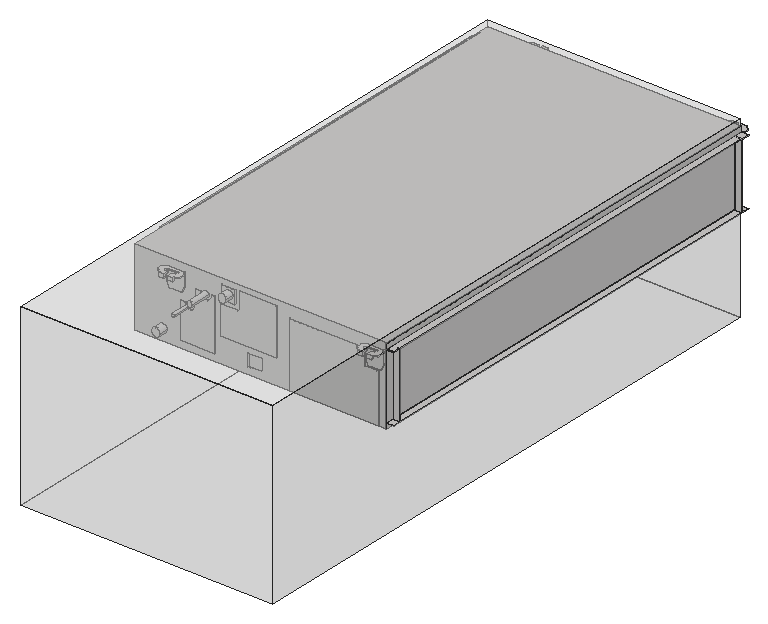
Revit family "outputfile", category 機械設備, Revit 2024
Family settings
  丸型コネクタ寸法 = 半径を使用
  パーツ タイプ = 標準
  OmniClass 番号 = 23.75.10.24.21.27.27
  OmniClass タイトル = Split System Air Conditioning Units
  作業面ベース = いいえ
  常に垂直 = はい
  ロード時にボイドで切り取り = いいえ
  注釈の向きを維持 = いいえ
  共有 = いいえ
  部屋計算ポイント = はい
Parameters (values of type "FXSA125AVMS")
  製造元 = "Daikin"
  書き出し IFC クラス(タイプ) = "IfcUnitaryEquipmentType"
  定義済み IFC タイプ(タイプ) = "AIRCONDITIONINGUNIT"
  モデル = "FXSA125AVMS"
  switch_frequency = yes
  r_Liquid Pipe Size = Liquid Pipe Size / 2  # 4.75 mm
  r_Gas Pipe Size = Gas Pipe Size / 2  # 7.95 mm
  r_Drain Pipe Size = Drain Pipe Size / 2  # 12.5 mm
  lw_power = 770.0 mm
  lh_SA = 138.0 mm
  lw_SA = if(Width = 550.0 mm, 225.0 mm, if(Width = 700.0 mm, 300.0 mm, if(Width = 1000.0 mm, 450.0 mm, if(Width = 1400.0 mm, 650.0 mm, 725.0 mm))))  # 650.0 mm
  lw_RA = if(Width = 550.0 mm, 275.0 mm, if(Width = 700.0 mm, 349.0 mm, if(Width = 1000.0 mm, 499.0 mm, if(Width = 1400.0 mm, 699.0 mm, 775.0 mm))))  # 699.0 mm
  lh_power = 60.0 mm + [h***]  # 60.0 mm
  lh_mountinghole1 = lh_mountinghole + [h***]  # 222.0 mm
  lh_RA = 123.0 mm
  ld_power = Width / 2  # 700.0 mm
  connector_voltage = Voltage_50Hz  # 220 V
  connector_powerinput = [Power Input (Cooling)]  # 0.206 kW
  connector_phase = Phase_50Hz  # 1
  Voltage_comment_50Hz = "220"
  Voltage_50Hz = 220 V
  Total Heating Capacity [instance] = 0.000 kW
  Supply Air Direction [instance] = yes
  Sound Power Level_H speed (dB) = 70
  Power Input (Heating) = 0.201 kW
  Phase_50Hz = 1
  Nominal Heating Capacity = 16.000 kW
  Minimum External Static Pressure = 50.00 Pa
  Minimum Circuit Amps_50Hz = 2.8 A
  Maximum Fuse Amps_50Hz = 16.0 A
  Maximum External Static Pressure = 150.00 Pa
  Material_Casing = DAIKIN_GalvanizedSteel_Casing_indoorunit
  lw_mountinghole = 630.0 mm
  lh_gaspipe = 183.0 mm + [h***]  # 183.0 mm
  lh_mountinghole = 222.0 mm
  lh_liquidpipe = 136.0 mm + [h***]  # 136.0 mm
  lh_drainpipe = 207.0 mm + [h***]  # 207.0 mm
  lh_antena = Height - lh_mountinghole + 1.0 mm  # 24.0 mm
  ld_drainpipe = Width / 2 + 26.0 mm  # 726.0 mm
  ld_liquidpipe = 769.0 mm
  ld_gaspipe = Width / 2 + 65.0 mm  # 765.0 mm
  ld_mountinghole = Width + 38.0 mm  # 1438.0 mm
  h*** = 0.0 mm
  lw_liquidpipe = 179.0 mm
  lw_gaspipe = 229.0 mm
  lw_drainpipe = 300.0 mm
  Width = 1400.0 mm
  Version = "ver.1.0"
  Unit Type = "Duct_M.S.P."
  Unit Mass Weight = 47.00 kg
  Unit Designation [instance] = ""
  Uniclass2015Version = "Products v1.30"
  Uniclass2015Title = "Variable refrigerant flow units"
  Uniclass2015Code = "Pr_70_65_03_94"
  Total Cooling Capacity [instance] = 0.000 kW
  Sound Pressure Level_M speed (dBA) = 38.5
  Sound Pressure Level_L speed (dBA) = 35
  Sound Pressure Level_H speed (dBA) = 42
  Series = "VRV Fan Coil Unit"
  Sensible Cooling Capacity [instance] = 0.000 kW
  SA Duct Size Width = 1192.0 mm
  SA Duct Size Height = 176.0 mm
  Refrigerant Type = "R32"
  RA Duct Size Width = 1352.0 mm
  RA Duct Size Height = 208.0 mm
  Power Input (Cooling) = 0.206 kW
  Option Accessory 3 [instance] = ""
  Option Accessory 2 [instance] = ""
  Option Accessory 1 [instance] = ""
  Nominal Cooling Capacity = 14.000 kW
  Minimum Airflow = 1560.00 m³/h
  Median Airflow = 1890.00 m³/h
  Maximum Airflow = 2220.00 m³/h
  Load Classification = HVAC
  Liquid Pipe Size = 9.5 mm
  Link_Nested Family [instance] = ""
  IfcVersion = ""
  IfcExportType = "AIRCONDITIONINGUNIT"
  IfcExportAs = "IfcUnitaryEquipmentType"
  Height = 245.0 mm
  Heating Entering Wet Bulb Temperature [instance] = -273.15 °C
  Heating Entering Dry Bulb Temperature [instance] = -273.15 °C
  Heating Ambient Wet Bulb Temperature [instance] = -273.15 °C
  Heating Ambient Dry Bulb Temperature [instance] = -273.15 °C
  Heat Exchanger Type = "Cross Fin Coil"
  Gas Pipe Size = 15.9 mm
  Frequency_50Hz = 50 Hz
  Fan Type = "Sirocco Fan"
  Fan Drive = "Direct Drive"
  FCU Tag No. [instance] = ""
  Drain Pipe Size = 25.0 mm
  Design Supply Airflow [instance] = 0.00 m³/h
  Design Return Airflow [instance] = 0.00 m³/h
  Design External Static Pressure [instance] = 0.00 Pa
  Depth = 800.0 mm
  既定の高さ = 0.0 mm
  Cooling Entering Wet Bulb Temperature [instance] = 0.00 °C
  Cooling Entering Dry Bulb Temperature [instance] = 0.00 °C
  Cooling Ambient Wet Bulb Temperature [instance] = 0.00 °C
  Cooling Ambient Dry Bulb Temperature [instance] = 0.00 °C
  Clearance visibility [instance] = yes
  Clearance Top = 20.0 mm
  Clearance Right = 0.0 mm
  Clearance Rear = 0.0 mm
  Clearance Left = 0.0 mm
  Clearance Front = 450.0 mm
  Clearance Bottom = 300.0 mm
Reference planes
  plane 1 "Center (Front/Back)": y = 0
  plane 2 "h": z = 0
  plane 3 "Center (Left/Right)": x = 0
  plane 4 "Back": y = 700
  plane 5 "Front": y = -700
  plane 6 "Left": x = -400
  plane 7 "Right": x = 400
  plane 8 "Top": z = 0
  plane 9 "Bottom": z = -245
  plane 10: y = -215
  plane 11: y = 700
  plane 12: y = -1150
  plane 13: x = -400
  plane 14: x = 400
  plane 15: z = 20
  plane 16: z = -545
  plane 17: x = -400
  plane 18: x = -399
  plane 19: x = 399
  plane 20: y = 50
  plane 21: y = -1
  plane 22: z = -122
  plane 23: y = -701
  plane 24: z = -109
  plane 25: x = -221
  plane 26: y = -765
  plane 27: z = -62
  plane 28: x = -171
  plane 29: y = -726
  plane 30: z = -38
  plane 31: x = -100
  plane 32: x = -100
  plane 33: x = -221
  plane 34: x = -171
  plane 35: x = 370
  plane 36: x = -266
  plane 37: x = 364
  plane 38: y = -719
  plane 39: y = 719
  plane 40: z = -23
  plane 41: z = -107
  plane 42: y = -769
  plane 43: z = -207
  plane 44: x = -309
  plane 45: y = -376
  plane 46: x = -251
  plane 47: x = -203
  plane 48: x = -144
  plane 49: z = -59
  plane 50: z = -106
  plane 51: z = -221
  plane 52: z = -109
  plane 53: x = -221
  plane 54: z = -62
  plane 55: x = -171
  plane 56: z = -17
  plane 57: z = -59
  plane 58: x = -121
  plane 59: x = -79
  plane 60: x = -125
  plane 61: x = -64
  plane 62: x = 53
  plane 63: z = -164
  plane 64: z = -73
  plane 65: z = -16
  plane 66: x = 93.5
  plane 67: x = 374.5
  plane 68: x = 330
  plane 69: z = -88.5
  plane 70: z = -38
  plane 71: z = -242.5
  plane 72: x = -38.5
  plane 73: x = 6.5
  plane 74: z = -181
  plane 75: z = -221
  plane 76: y = -699
  plane 77: x = -424
  plane 78: x = 424
Forms (mm)
  Extrusion 1, solid, material "DAIKIN_GalvanizedSteel_Casing_indoorunit" <- "Material_Casing"
    sketch origin (0, 0, 0) x (1, 0, 0) y (0, 1, 0)
      loop
        line (-399, 700) -> (-399, -700) -> (399, -700) -> (399, 700) -> (-399, 700)
    from -245 to 0
  Extrusion 2, solid, material "DAIKIN_GalvanizedSteel_Casing_indoorunit" <- "Material_Casing"
    sketch origin (0, 0, 0) x (1, 0, 0) y (0, 0, 1)
      loop
        line (-251, -221) -> (-144, -221) -> (-144, -59) -> (-154.47, -59)
        arc (-154.47, -59) -> (-171, -78.8) -> (-187.53, -59) r 16.8
        line (-187.53, -59) -> (-203, -59) -> (-203, -106) -> (-206.916, -106)
        arc (-206.916, -106) -> (-221, -123.4) -> (-235.084, -106) r 14.4
        line (-235.084, -106) -> (-251, -106) -> (-251, -221)
    from 700 to 701
  Extrusion 3, solid, material "DAIKIN_GalvanizedSteel_Casing_indoorunit" <- "Material_Casing"
    sketch origin (0, 0, 0) x (1, 0, 0) y (0, 0, 1)
      loop
        line (-121, -17) -> (-121, -59) -> (-79, -59) -> (-79, -17) -> (-121, -17)
      loop
        line (-125, -73) -> (-125, -164) -> (53, -164) -> (53, -16) -> (-64, -16) -> (-64, -73) -> (-125, -73)
    from 700 to 701
  Extrusion 4, solid, material "DAIKIN_GalvanizedSteel_Casing_indoorunit" <- "Material_Casing"
    sketch origin (0, 0, 0) x (1, 0, 0) y (0, 0, 1)
      loop
        line (93.5, -38) -> (93.5, -242.5) -> (374.5, -242.5) -> (374.5, -88.5) -> (330, -88.5) -> (330, -38) -> (93.5, -38)
    from 700 to 701
  Extrusion 5, solid, material "DAIKIN_GalvanizedSteel_Casing_indoorunit" <- "Material_Casing"
    sketch origin (0, 0, 0) x (1, 0, 0) y (0, 0, 1)
      loop
        circle (-221, -109) r 4.75
    from 700 to 769
  Extrusion 6, solid, material "DAIKIN_GalvanizedSteel_Casing_indoorunit" <- "Material_Casing"
    sketch origin (0, 0, 0) x (1, 0, 0) y (0, 0, 1)
      loop
        circle (-171, -62) r 7.95
    from 700 to 765
  Extrusion 7, solid, material "DAIKIN_GalvanizedSteel_Casing_indoorunit" <- "Material_Casing"
    sketch origin (0, 0, 0) x (1, 0, 0) y (0, 0, 1)
      loop
        circle (-100, -38) r 12.5
    from 701 to 726
  Extrusion 8, solid, material "DAIKIN_GalvanizedSteel_Casing_indoorunit" <- "Material_Casing"
    sketch origin (0, 0, 0) x (1, 0, 0) y (0, 0, 1)
      loop
        circle (-309, -207) r 13
    from 700 to 726
  Extrusion 9, void
    sketch origin (0, 0, 0) x (1, 0, 0) y (0, 0, 1)
      loop
        line (-38.5, -181) -> (-38.5, -221) -> (6.5, -221) -> (6.5, -181) -> (-38.5, -181)
    from 699 to 700
Cuts and joins
  Extrusion 9 cuts Extrusion 1
Dimensions and locks
  "Height": plane 8 "Top" to plane 9 "Bottom"
  equal spacing: plane 4 "Back", plane 1 "Center (Front/Back)", plane 5 "Front"
  "Width": plane 4 "Back" to plane 5 "Front"
  equal spacing: plane 6 "Left", plane 3 "Center (Left/Right)", plane 7 "Right"
  "Depth": plane 6 "Left" to plane 7 "Right"
  "Clearance Left": plane 13 to plane 6 "Left"
  "Clearance Right": plane 7 "Right" to plane 14
  "Clearance Rear": plane 11 to plane 4 "Back"
  "Clearance Front": plane 5 "Front" to plane 12
  "Clearance Top": plane 15 to plane 8 "Top"
  "Clearance Bottom": plane 9 "Bottom" to plane 16
  locked: plane 17 to plane 18 at 1
  locked: plane 19 to plane 14 at 1
  "lw_SA": plane 11 to plane 20
  "lw_RA": plane 21 to plane 5 "Front"
  "lh_RA": plane 22 to plane 9 "Bottom"
  locked: plane 5 "Front" to plane 23 at 1
  "lw_liquidpipe": plane 25 to plane 6 "Left"
  "lh_liquidpipe": plane 24 to plane 9 "Bottom"
  "lh_gaspipe": plane 27 to plane 9 "Bottom"
  "lw_gaspipe": plane 28 to plane 6 "Left"
  "ld_gaspipe": plane 26 to plane 1 "Center (Front/Back)"
  "ld_drainpipe": plane 29 to plane 1 "Center (Front/Back)"
  "lh_drainpipe": plane 30 to plane 9 "Bottom"
  "lw_drainpipe": plane 31 to plane 6 "Left"
  "lw_drainpipe": plane 6 "Left" to plane 32
  "lw_liquidpipe": plane 6 "Left" to plane 33
  "lw_gaspipe": plane 6 "Left" to plane 34
  "lw_power": plane 6 "Left" to plane 35
  locked: plane 17 to plane 36 at 134
  "lw_mountinghole": plane 36 to plane 37
  equal spacing: plane 38, plane 1 "Center (Front/Back)", plane 39
  "ld_mountinghole": plane 39 to plane 38
  "lh_mountinghole": plane 40 to plane 9 "Bottom"
  "lh_SA": plane 41 to plane 9 "Bottom"
  locked: plane 44 to plane 6 "Left" at 91
  locked: plane 43 to plane 9 "Bottom" at 38
  plane 48 to plane 47 to plane 46 to plane 6 "Left" = 59.0 mm, 48.0 mm, 149.0 mm
  plane 8 "Top" to plane 49 to plane 50 to plane 51 = 59.0 mm locked, 47.0 mm locked, 115.0 mm locked
  plane 55 to plane 53 to plane 6 "Left" = 50.0 mm locked, 179.0 mm locked
  plane 54 to plane 52 to plane 9 "Bottom" = 47.0 mm locked, 136.0 mm locked
  plane 59 to plane 58 to plane 6 "Left" = 42.0 mm locked, 279.0 mm locked
  plane 8 "Top" to plane 56 to plane 57 = 17.0 mm locked, 42.0 mm locked
  plane 62 to plane 61 to plane 60 to plane 6 "Left" = 117.0 mm, 61.0 mm, 275.0 mm
  plane 8 "Top" to plane 65 to plane 64 = 16.0 mm locked, 57.0 mm locked
  locked: plane 65 to plane 63 at 148
  plane 8 "Top" to plane 70 to plane 69 to plane 71 = 38.0 mm locked, 50.5 mm locked, 154.0 mm locked
  plane 67 to plane 68 to plane 66 to plane 6 "Left" = 44.5 mm locked, 236.5 mm locked, 493.5 mm locked
  plane 8 "Top" to plane 74 to plane 75 = 181.0 mm locked, 40.0 mm locked
  plane 73 to plane 72 to plane 6 "Left" = 45.0 mm, 361.5 mm
  locked: plane 76 to plane 5 "Front" at 1
  locked: plane 77 to plane 17 at 24
  locked: plane 14 to plane 78 at 24
  "ld_liquidpipe": plane 42 to plane 1 "Center (Front/Back)"
  "r_Liquid Pipe Size": radius of Extrusion 5 sketch curve
  "r_Gas Pipe Size": radius of Extrusion 6 sketch curve
  "r_Drain Pipe Size": radius of Extrusion 7 sketch curve
  aligned and locked: level to plane 2 "h"
  aligned and locked: plane 8 "Top" to Extrusion 1
  aligned and locked: Extrusion 1 to plane 9 "Bottom"
  aligned and locked: nested 5 to plane 12
  aligned and locked: plane 13 to nested 5
  aligned and locked: plane 14 to nested 5
  aligned and locked: nested 5 to plane 13
  aligned and locked: plane 11 to nested 5
  aligned and locked: plane 15 to nested 5
  aligned and locked: plane 16 to nested 5
  aligned and locked: plane 5 "Front" to Extrusion 1 sketch curve
  aligned and locked: Extrusion 1 to plane 18
  aligned and locked: plane 19 to Extrusion 1
  aligned and locked: nested 7 to plane 18
  aligned and locked: nested 7 to plane 20
  aligned and locked: plane 19 to nested 8
  aligned and locked: plane 21 to nested 8
  aligned and locked: plane 22 to nested 8
  aligned and locked: Extrusion 2 to plane 23
  aligned and locked: plane 5 "Front" to Extrusion 2
  aligned and locked: Extrusion 3 to plane 23
  aligned and locked: plane 5 "Front" to Extrusion 3
  aligned and locked: plane 5 "Front" to Extrusion 4
  aligned and locked: Extrusion 5 sketch curve to plane 25
  aligned and locked: plane 24 to Extrusion 5 sketch curve
  aligned and locked: plane 5 "Front" to Extrusion 5
  aligned and locked: Extrusion 6 sketch curve to plane 28
  aligned and locked: plane 27 to Extrusion 6 sketch curve
  aligned and locked: plane 5 "Front" to Extrusion 6
  aligned and locked: Extrusion 7 sketch curve to plane 31
  aligned and locked: Extrusion 7 sketch curve to plane 30
  aligned and locked: Extrusion 7 to plane 29
  aligned and locked: plane 23 to Extrusion 7
  aligned and locked: nested 3 to plane 29
  aligned and locked: nested 3 to plane 32
  aligned and locked: nested 2 to plane 33
  aligned and locked: nested 1 to plane 34
  aligned and locked: Extrusion 6 to plane 26
  aligned and locked: nested 1 to plane 26
  aligned and locked: nested 6 to plane 5 "Front"
  aligned and locked: nested 6 to plane 35
  aligned and locked: plane 36 to nested 10
  aligned and locked: nested 10 to plane 5 "Front"
  aligned and locked: plane 37 to nested 9
  aligned and locked: nested 9 to plane 5 "Front"
  aligned and locked: nested 11 to plane 36
  aligned and locked: plane 4 "Back" to nested 11
  aligned and locked: nested 12 to plane 37
  aligned and locked: plane 4 "Back" to nested 12
  aligned and locked: plane 40 to nested 10
  aligned and locked: plane 40 to nested 11
  aligned and locked: plane 40 to nested 9
  aligned and locked: plane 40 to nested 12
  aligned and locked: plane 36 to nested 14
  aligned and locked: nested 14 to plane 39
  aligned and locked: plane 37 to nested 13
  aligned and locked: nested 13 to plane 39
  aligned and locked: plane 37 to nested 16
  aligned and locked: plane 38 to nested 16
  aligned and locked: plane 38 to nested 15
  aligned and locked: plane 36 to nested 15
  aligned and locked: plane 17 to plane 6 "Left"
  aligned and locked: plane 41 to nested 7
  aligned and locked: Extrusion 5 to plane 42
  aligned and locked: nested 2 to plane 42
  aligned and locked: Extrusion 8 sketch curve to plane 44
  aligned and locked: plane 43 to Extrusion 8 sketch curve
  aligned and locked: plane 5 "Front" to Extrusion 8
  aligned and locked: Extrusion 3 sketch curve to plane 56
  aligned and locked: Extrusion 3 sketch curve to plane 58
  aligned and locked: plane 57 to Extrusion 3 sketch curve
  aligned and locked: plane 59 to Extrusion 3 sketch curve
  aligned and locked: Extrusion 4 to plane 23
  aligned and locked: Extrusion 9 sketch curve to plane 74
  aligned and locked: plane 75 to Extrusion 9 sketch curve
  aligned and locked: plane 73 to Extrusion 9 sketch curve
  aligned and locked: plane 5 "Front" to Extrusion 9
  aligned and locked: plane 76 to Extrusion 9
  aligned and locked: nested 17 to plane 20
  aligned and locked: nested 17 to plane 77
  aligned and locked: plane 21 to nested 18
  aligned and locked: plane 78 to nested 18
  aligned and locked: plane 41 to nested 17
  aligned and locked: nested 18 to plane 22
  aligned and locked: nested 4 to plane 3 "Center (Left/Right)"
  aligned and locked: plane 1 "Center (Front/Back)" to nested 4
  aligned and locked: level to plane 8 "Top"
  aligned and locked: Extrusion 8 to plane 29
Automatic sketch dimensions
  plane 6 "Left" to Extrusion 1 sketch curve = 1.0 mm
  Extrusion 1 sketch curve to plane 7 "Right" = 1.0 mm
  Extrusion 1 sketch curve to plane 4 "Back" = 0.0 mm
  Extrusion 2 sketch curve to plane 46 = 0.0 mm
  Extrusion 2 sketch curve to plane 33 = 0.0 mm
  Extrusion 2 sketch curve to plane 47 = 0.0 mm
  Extrusion 2 sketch curve to plane 34 = 0.0 mm
  Extrusion 2 sketch curve to plane 48 = 0.0 mm
  Extrusion 2 sketch curve to plane 51 = 0.0 mm
  Extrusion 2 sketch curve to plane 52 = 0.0 mm
  Extrusion 2 sketch curve to plane 50 = 0.0 mm  (x3)
  Extrusion 2 sketch curve to plane 54 = 0.0 mm
  Extrusion 2 sketch curve to plane 49 = 0.0 mm  (x3)
  plane 33 to Extrusion 2 sketch curve = 14.084 mm
  plane 34 to Extrusion 2 sketch curve = 16.53 mm
  Extrusion 3 sketch curve to plane 60 = 0.0 mm
  Extrusion 3 sketch curve to plane 61 = 0.0 mm
  Extrusion 3 sketch curve to plane 62 = 0.0 mm
  Extrusion 3 sketch curve to plane 63 = 0.0 mm
  Extrusion 3 sketch curve to plane 64 = 0.0 mm
  Extrusion 3 sketch curve to plane 65 = 0.0 mm
  Extrusion 4 sketch curve to plane 66 = 0.0 mm
  Extrusion 4 sketch curve to plane 68 = 0.0 mm
  Extrusion 4 sketch curve to plane 67 = 0.0 mm
  Extrusion 4 sketch curve to plane 71 = 0.0 mm
  Extrusion 4 sketch curve to plane 69 = 0.0 mm
  Extrusion 4 sketch curve to plane 70 = 0.0 mm
  Extrusion 9 sketch curve to plane 72 = 0.0 mm
  radius of Extrusion 8 sketch curve = 13.0 mm
Nested families
  nested 1: "daikin_connector_rotate2" at (-171, 0, -62), length <- "ld_gaspipe", built-in parameter 1001364 <- "lh_gaspipe", radius <- "r_Gas Pipe Size", type "daikin_connector_rotate2"
    with radius 7.95 mm, length 765.0 mm, angle_vertical 90.00°
  nested 2: "daikin_connector_rotate2" at (-221, 0, -109), length <- "ld_liquidpipe", built-in parameter 1001364 <- "lh_liquidpipe", radius <- "r_Liquid Pipe Size", type "daikin_connector_rotate2"
    with radius 4.75 mm, length 769.0 mm, angle_vertical 90.00°
  nested 3: "daikin_connector_rotate2" at (-100, 0, -38), length <- "ld_drainpipe", built-in parameter 1001364 <- "lh_drainpipe", radius <- "r_Drain Pipe Size", type "daikin_connector_rotate2"
    with radius 12.5 mm, length 726.0 mm, angle_vertical 90.00°
  nested 4: "daikin_△_symbolicline" at (0, 0, 245) x (0, -1, 0) z (0, 0, 1), built-in parameter 1001364 <- "Height", visible <- "Supply Air Direction", type "daikin_△_symbolicline"
    with length 200.0 mm
  nested 5: "daikin_clearancespace" at (0, -225, -262.381), visible <- "Clearance visibility", show <- "Clearance visibility", Link_Nested Family <- "Link_Nested Family", type "daikin_clearancespace"
    with width 800.0 mm, show yes, height 565.0 mm, depth 1850.0 mm, Link_Nested Family ""
  nested 6: "daikin_connector_rotate2" at (370, 0, -185), built-in parameter 1001364 <- "lh_power", length <- "ld_power", type "daikin_connector_rotate2"
    with radius 10.0 mm, length 700.0 mm, angle_vertical 90.00°
  nested 7: "daikin_ductflange_FXSA-AVMS2" at (-399, 50, -107) x (0, -1, 0) z (0, 0, 1), type "daikin_ductflange_FXSA-AVMS2"
    with width 1192.0 mm, w 1400.0 mm
  nested 8: "daikin_ductflange_FXSA-AVMS" at (399, -1, -122) x (0, 1, 0) z (0, 0, 1), type "daikin_ductflange_FXSA-AVMS"
    with width 1352.0 mm, lw 25.0 mm, w 1400.0 mm
  nested 9: "FXFSA-AVM" at (364, -700, -23), type "daikin_hangerfixture_FXFSA-AVM"
  nested 10: "FXFSA-AVM" at (-266, -700, -23), type "daikin_hangerfixture_FXFSA-AVM"
  nested 11: "FXFSA-AVM" at (-266, 700, -23) x (-1, 0, 0) z (0, 0, 1), type "daikin_hangerfixture_FXFSA-AVM"
  nested 12: "FXFSA-AVM" at (364, 700, -23) x (-1, 0, 0) z (0, 0, 1), type "daikin_hangerfixture_FXFSA-AVM"
  nested 13: "daikin_mountinghole" at (364, 719, -245), h_mountinghole <- "lh_mountinghole1", l_antenna <- "lh_antena", Link_Nested Family <- "Link_Nested Family", type "daikin_mountinghole"
    with show yes, l_antenna 24.0 mm, h_mountinghole 222.0 mm, Link_Nested Family ""
  nested 14: "daikin_mountinghole" at (-266, 719, -245), h_mountinghole <- "lh_mountinghole1", l_antenna <- "lh_antena", Link_Nested Family <- "Link_Nested Family", type "daikin_mountinghole"
    with show yes, l_antenna 24.0 mm, h_mountinghole 222.0 mm, Link_Nested Family ""
  nested 15: "daikin_mountinghole" at (-266, -719, -245), h_mountinghole <- "lh_mountinghole1", l_antenna <- "lh_antena", Link_Nested Family <- "Link_Nested Family", type "daikin_mountinghole"
    with show yes, l_antenna 24.0 mm, h_mountinghole 222.0 mm, Link_Nested Family ""
  nested 16: "daikin_mountinghole" at (364, -719, -245), h_mountinghole <- "lh_mountinghole1", l_antenna <- "lh_antena", Link_Nested Family <- "Link_Nested Family", type "daikin_mountinghole"
    with show yes, l_antenna 24.0 mm, h_mountinghole 222.0 mm, Link_Nested Family ""
  nested 17: "daikin_connector_rotate2" at (-400, 50, -107) x (0, -1, 0) z (0, 0, 1), type "daikin_connector_rotate2"
    with radius 10.0 mm, length 24.0 mm, angle_vertical 90.00°
  nested 18: "daikin_connector_rotate2" at (400, -1, -122) x (0, 1, 0) z (0, 0, 1), type "daikin_connector_rotate2"
    with radius 10.0 mm, length 24.0 mm, angle_vertical 90.00°
Connectors
  piping at (-100, -726, -38), diameter 25, driven by "r_Drain Pipe Size"
    settings: on nested 3, index 3, connector inside diameter 609.6 mm, connector length 0.0 mm, flow factor 0, pipe flow 0.00 m³/h, pressure drop 0.0 Pa, fitting loss kfactor 0, connector angle 0.00°, fixture units 0, engagement length 0.0 mm, angle of deflection 0.00°, flow configuration 1, flow direction 2, fitting loss method 4, system type 16, joint type 0, gender type 0, connector reference index -1, connector utility 0, adjustable connector no, is connector primary yes, connector description "Condensate Drain Piping"
  piping at (-171, -765, -62), diameter 15.9, driven by "r_Gas Pipe Size"
    settings: on nested 1, index 4, connector inside diameter 609.6 mm, connector length 0.0 mm, flow factor 0, pipe flow 0.00 m³/h, pressure drop 0.0 Pa, fitting loss kfactor 0, connector angle 0.00°, fixture units 0, engagement length 0.0 mm, angle of deflection 0.00°, flow configuration 1, flow direction 2, fitting loss method 0, system type 29, joint type 0, gender type 0, connector reference index -1, connector utility 0, adjustable connector no, is connector primary no, connector description "Refrigerant Gas Piping"
  piping at (-221, -769, -109), diameter 9.5, driven by "r_Liquid Pipe Size"
    settings: on nested 2, index 5, connector inside diameter 609.6 mm, connector length 0.0 mm, flow factor 0, pipe flow 0.00 m³/h, pressure drop 0.0 Pa, fitting loss kfactor 0, connector angle 0.00°, fixture units 0, engagement length 0.0 mm, angle of deflection 0.00°, flow configuration 1, flow direction 1, fitting loss method 0, system type 29, joint type 0, gender type 0, connector reference index -1, connector utility 0, adjustable connector no, is connector primary no, connector description "Refrigerant Liquid Piping"
  electrical at (370, -700, -185), driven by "Load Classification", driven by "connector_voltage", driven by "connector_phase", driven by "connector_powerinput"
    settings: on nested 6, index 6, voltage 220 V, apparent load 206 VA, apparent load phase1 0 VA, apparent load phase2 0 VA, apparent load phase3 0 VA, power factor 1, load classification "HVAC", number of poles 1, system type 30, power factor state 1, is connector primary yes, connector utility no, sub classification motor no, connector description "Power Supply"
  hvac at (-424, 50, -107), driven by "SA Duct Size Height", driven by "SA Duct Size Width"
    settings: on nested 17, index 7, duct flow 0.00 m³/h, flow factor 0, pres drop 0.00 Pa, loss coef 0, conn angle 0.00°, conn width 1192.0 mm, conn height 176.0 mm, conn diameter 609.6 mm, duct sys type 1, conn prof type 1, flow config 0, flow direction 2, loss method 4, conn ref index -1, conn util no, is conn primary yes, conn desc "SA Duct"
  hvac at (424, -1, -122), driven by "RA Duct Size Height", driven by "RA Duct Size Width"
    settings: on nested 18, index 8, duct flow 0.00 m³/h, flow factor 0, pres drop 0.00 Pa, loss coef 0, conn angle 0.00°, conn width 1352.0 mm, conn height 208.0 mm, conn diameter 609.6 mm, duct sys type 2, conn prof type 1, flow config 0, flow direction 1, loss method 4, conn ref index -1, conn util no, is conn primary no, conn desc "RA Duct"
Definition of nested family "daikin_clearancespace"
  Parameters (values of type "daikin_clearancespace")
    Description = "daikin_clearancespace"
    width [instance] = 1823.963 mm
    show [instance] = yes
    material = none
    height [instance] = 1359.762 mm
    depth [instance] = 880.0 mm
    Default Elevation = 0.0 mm
    Link_Nested Family [instance] = ""
  Reference planes
    plane 1 "Center (Front/Back)": y = 0
    plane 2 "Center (Elevation)": z = -0.119
    plane 3 "Center (Left/Right)": x = 0
    plane 4: y = 440
    plane 5: y = -440
    plane 6 "Right": x = 911.982
    plane 7 "Left": x = -911.982
    plane 8 "Top": z = 679.762
    plane 9 "Bottom": z = -680
  Forms (mm)
    Extrusion 1, solid, material <- "material", visible <- "show"
      sketch origin (0, 0, 0) x (1, 0, 0) y (0, 1, 0)
        loop
          line (-911.982, 440) -> (-911.982, -440) -> (911.982, -440) -> (911.982, 440) -> (-911.982, 440)
      from -680 to 679.762
  Lines and regions (mm)
    symbolic lines, visible <- "show"
      curve 1: line (911.982, 440, 0) -> (-911.982, 440, 0)
      curve 2: line (-911.982, 440, 0) -> (-911.982, -440, 0)
      curve 3: line (-911.982, -440, 0) -> (911.982, -440, 0)
      curve 4: line (911.982, -440, 0) -> (911.982, 440, 0)
      curve 5: line (911.982, 0, 679.762) -> (-911.982, 0, 679.762)
      curve 6: line (911.982, 0, -680) -> (911.982, 0, 679.762)
      curve 7: line (-911.982, 0, -680) -> (911.982, 0, -680)
      curve 8: line (-911.982, 0, 679.762) -> (-911.982, 0, -680)
      curve 9: line (0, 440, 679.762) -> (0, -440, 679.762)
      curve 10: line (0, -440, 679.762) -> (0, -440, -680)
      curve 11: line (0, 440, -680) -> (0, 440, 679.762)
      curve 12: line (0, -440, -680) -> (0, 440, -680)
  Dimensions and locks
    "width": plane 7 "Left" to plane 6 "Right"
    "depth": plane 4 to plane 5
    "height": plane 8 "Top" to plane 9 "Bottom"
    equal spacing: plane 7 "Left", plane 3 "Center (Left/Right)", plane 6 "Right"
    equal spacing: plane 4, plane 1 "Center (Front/Back)", plane 5
    equal spacing: plane 8 "Top", plane 2 "Center (Elevation)", plane 9 "Bottom"
    aligned and locked: level to plane 2 "Center (Elevation)"
    aligned and locked: Extrusion 1 sketch curve to plane 4
    aligned and locked: plane 7 "Left" to Extrusion 1 sketch curve
    aligned and locked: Extrusion 1 sketch curve to plane 5
    aligned and locked: Extrusion 1 sketch curve to plane 6 "Right"
    aligned and locked: plane 8 "Top" to Extrusion 1
    aligned and locked: curve 1 to Extrusion 1
    aligned and locked: curve 2 to Extrusion 1
    aligned and locked: curve 3 to Extrusion 1
    aligned and locked: curve 4 to Extrusion 1
    aligned and locked: curve 5 to Extrusion 1
    aligned and locked: curve 6 to Extrusion 1
    aligned and locked: curve 7 to Extrusion 1
    aligned and locked: curve 8 to Extrusion 1
    aligned and locked: curve 9 to Extrusion 1
    aligned and locked: curve 10 to Extrusion 1
    aligned and locked: curve 11 to Extrusion 1
    aligned and locked: curve 12 to Extrusion 1
    aligned and locked: Extrusion 1 to plane 9 "Bottom"
Definition of nested family "daikin_ductflange_FXSA-AVMS2"
  Parameters (values of type "daikin_ductflange_FBA-BVMA2")
    width = if(w = 550.0 mm, 337.0 mm, if(w = 700.0 mm, 492.0 mm, if(w = 1000.0 mm, 792.0 mm, if(w = 1400.0 mm, 1192.0 mm, 1337.0 mm))))  # 492.0 mm
    w1 = if(w = 550.0 mm, 24.0 mm, if(w = 700.0 mm, 21.5 mm, if(w = 1000.0 mm, 21.5 mm, if(w = 1400.0 mm, 21.5 mm, 24.0 mm))))  # 21.5 mm
    material = none
    height = 215.0 mm
    depth = 1.0 mm
    w = 700.0 mm
    Default Elevation = 0.0 mm
  Reference planes
    plane 1 "Center (Front/Back)": y = 0
    plane 2: z = 0
    plane 3 "Center (Left/Right)": x = 0
    plane 4: z = 88
    plane 5: z = -88
    plane 6: y = -25
    plane 7: z = 106
    plane 8: z = 89
    plane 9: y = -1
    plane 10: x = -267.5
    plane 11: x = 267.5
    plane 12: z = -106
    plane 13: z = -89
    plane 14: y = -1
    plane 15: x = 246
    plane 16: x = -246
    plane 17: x = 247
    plane 18: z = 87
    plane 19: z = -87
    plane 20: x = -247
    plane 21: z = 87
    plane 22: z = -87
    plane 23: y = -1
  Forms (mm)
    Extrusion 1, solid, material <- "material"
      sketch origin (0, 0, 0) x (0, 1, 0) y (0, 0, 1)
        loop
          line (-25, 88) -> (0, 88) -> (0, 106) -> (-1, 106) -> (-1, 89) -> (-25, 89) -> (-25, 88)
      from -267.5 to 267.5
    Extrusion 2, solid, material <- "material"
      sketch origin (0, 0, 0) x (0, 1, 0) y (0, 0, 1)
        loop
          line (-25, -88) -> (-25, -89) -> (-1, -89) -> (-1, -106) -> (0, -106) -> (0, -88) -> (-25, -88)
      from -267.5 to 267.5
    Extrusion 3, solid, material <- "material"
      sketch origin (0, 0, 0) x (1, 0, 0) y (0, 0, 1)
        loop
          line (246, 88) -> (246, -88) -> (267.5, -88) -> (267.5, -87) -> (247, -87) -> (247, 87) -> (267.5, 87) -> (267.5, 88) -> (246, 88)
      from 0 to 25
    Extrusion 4, solid, material <- "material"
      sketch origin (0, 0, 0) x (1, 0, 0) y (0, 0, 1)
        loop
          line (-267.5, 88) -> (-267.5, 87) -> (-247, 87) -> (-247, -87) -> (-267.5, -87) -> (-267.5, -88) -> (-246, -88) -> (-246, 88) -> (-267.5, 88)
      from 0 to 25
    Extrusion 5, solid, material <- "material"
      sketch origin (0, 0, 0) x (1, 0, 0) y (0, 0, 1)
        loop
          line (-267.5, 88) -> (-267.5, -88) -> (-246, -88) -> (-246, 88) -> (-267.5, 88)
        loop
          line (267.5, 88) -> (246, 88) -> (246, -88) -> (267.5, -88) -> (267.5, 88)
      from 0 to 1
  Cuts and joins
    joined: Extrusion 1, Extrusion 2, Extrusion 3, Extrusion 4, Extrusion 5
  Dimensions and locks
    plane 4 to level to plane 5 = 88.0 mm, 88.0 mm
    locked: plane 6 to plane 1 "Center (Front/Back)" at 25
    locked: plane 9 to plane 1 "Center (Front/Back)" at 1
    locked: plane 8 to plane 4 at 1
    "w1": plane 16 to plane 10
    locked: plane 17 to plane 15 at 1
    locked: plane 4 to plane 18 at 1
    locked: plane 19 to plane 5 at 1
    "width": plane 15 to plane 16
    plane 4 to plane 5 = 176.0 mm
    locked: plane 16 to plane 20 at 1
    locked: plane 4 to plane 21 at 1
    locked: plane 22 to plane 5 at 1
    locked: plane 23 to plane 1 "Center (Front/Back)" at 1
    plane 4 to level to plane 5 = 88.0 mm locked, 88.0 mm locked
    locked: plane 5 to plane 13 at 1
    locked: plane 5 to plane 12 at 18
    locked: plane 7 to plane 4 at 18
    equal spacing: plane 15, plane 3 "Center (Left/Right)", plane 16
    "w1": plane 11 to plane 15
    plane 11 to plane 10 = 535.0 mm
    aligned and locked: level to plane 2
    aligned and locked: Extrusion 1 to plane 10
    aligned and locked: plane 11 to Extrusion 1
    aligned and locked: plane 5 to Extrusion 2
    aligned and locked: Extrusion 2 to plane 1 "Center (Front/Back)"
    aligned and locked: plane 15 to Extrusion 3 sketch curve
    aligned and locked: Extrusion 3 sketch curve to Extrusion 2  (x2)
    aligned and locked: Extrusion 3 sketch curve to plane 11
    aligned and locked: plane 6 to Extrusion 3
    aligned and locked: Extrusion 2 to plane 10
    aligned and locked: plane 11 to Extrusion 2
    aligned and locked: Extrusion 4 sketch curve to Extrusion 1  (x2)
    aligned and locked: plane 5 to Extrusion 4 sketch curve
    aligned and locked: Extrusion 4 sketch curve to plane 16
    aligned and locked: Extrusion 4 sketch curve to plane 22
    aligned and locked: plane 20 to Extrusion 4 sketch curve
    aligned and locked: plane 21 to Extrusion 4 sketch curve
    aligned and locked: Extrusion 4 to plane 1 "Center (Front/Back)"
    aligned and locked: plane 6 to Extrusion 4
    aligned and locked: Extrusion 5 sketch curve to Extrusion 1  (x4)
    aligned and locked: Extrusion 5 sketch curve to Extrusion 4  (x2)
    aligned and locked: Extrusion 5 sketch curve to Extrusion 3  (x2)
    aligned and locked: Extrusion 5 to plane 1 "Center (Front/Back)"
    aligned and locked: plane 23 to Extrusion 5
  Automatic sketch dimensions
    Extrusion 1 sketch curve to plane 6 = 0.0 mm
    Extrusion 1 sketch curve to plane 7 = 0.0 mm
    Extrusion 1 sketch curve to plane 9 = 0.0 mm
    Extrusion 1 sketch curve to plane 1 "Center (Front/Back)" = 0.0 mm
    Extrusion 1 sketch curve to plane 4 = 0.0 mm
    Extrusion 1 sketch curve to plane 8 = 0.0 mm
    Extrusion 2 sketch curve to plane 6 = 0.0 mm
    plane 12 to Extrusion 2 sketch curve = 0.0 mm
    Extrusion 2 sketch curve to plane 14 = 0.0 mm
    Extrusion 2 sketch curve to plane 1 "Center (Front/Back)" = 0.0 mm
    plane 13 to Extrusion 2 sketch curve = 0.0 mm
    Extrusion 2 sketch curve to plane 5 = 0.0 mm
    Extrusion 3 sketch curve to plane 17 = 0.0 mm
    Extrusion 3 sketch curve to plane 19 = 0.0 mm
    Extrusion 3 sketch curve to plane 18 = 0.0 mm
    Extrusion 3 sketch curve to plane 4 = 0.0 mm
    Extrusion 4 sketch curve to plane 10 = 0.0 mm
Definition of nested family "daikin_ductflange_FXSA-AVMS"
  Parameters (values of type "daikin_ductflange_FBFC-DVMG")
    width = if(w = 550.0 mm, 502.0 mm, if(w = 700.0 mm, 654.0 mm, if(w = 1000.0 mm, 952.0 mm, if(w = 1400.0 mm, 1352.0 mm, 1502.0 mm))))  # 654.0 mm
    material = none
    lw = if(width = 654.0 mm, 23.0 mm, 25.0 mm)  # 23.0 mm
    height = 208.0 mm
    depth = 1.0 mm
    w = 700.0 mm
    Default Elevation = 0.0 mm
  Reference planes
    plane 1 "Center (Front/Back)": y = 0
    plane 2: z = 0
    plane 3 "Center (Left/Right)": x = 0
    plane 4: z = 104
    plane 5: z = -104
    plane 6: y = -25
    plane 7: z = 121
    plane 8: z = 105
    plane 9: y = -1
    plane 10: x = -350
    plane 11: x = 350
    plane 12: z = -122
    plane 13: z = -105
    plane 14: y = -1
    plane 15: x = 327
    plane 16: x = -327
    plane 17: x = 328
    plane 18: z = 103
    plane 19: z = -103
    plane 20: x = -328
    plane 21: z = 103
    plane 22: z = -103
    plane 23: y = -1
  Forms (mm)
    Extrusion 1, solid, material <- "material"
      sketch origin (0, 0, 0) x (0, 1, 0) y (0, 0, 1)
        loop
          line (-25, 104) -> (0, 104) -> (0, 121) -> (-1, 121) -> (-1, 105) -> (-25, 105) -> (-25, 104)
      from -350 to 350
    Extrusion 2, solid, material <- "material"
      sketch origin (0, 0, 0) x (0, 1, 0) y (0, 0, 1)
        loop
          line (-25, -104) -> (-25, -105) -> (-1, -105) -> (-1, -122) -> (0, -122) -> (0, -104) -> (-25, -104)
      from -350 to 350
    Extrusion 3, solid, material <- "material"
      sketch origin (0, 0, 0) x (1, 0, 0) y (0, 0, 1)
        loop
          line (327, 104) -> (327, -104) -> (350, -104) -> (350, -103) -> (328, -103) -> (328, 103) -> (350, 103) -> (350, 104) -> (327, 104)
      from 0 to 25
    Extrusion 4, solid, material <- "material"
      sketch origin (0, 0, 0) x (1, 0, 0) y (0, 0, 1)
        loop
          line (-350, 104) -> (-350, 103) -> (-328, 103) -> (-328, -103) -> (-350, -103) -> (-350, -104) -> (-327, -104) -> (-327, 104) -> (-350, 104)
      from 0 to 25
    Extrusion 5, solid, material <- "material"
      sketch origin (0, 0, 0) x (1, 0, 0) y (0, 0, 1)
        loop
          line (-350, 104) -> (-350, -104) -> (-327, -104) -> (-327, 104) -> (-350, 104)
        loop
          line (350, 104) -> (327, 104) -> (327, -104) -> (350, -104) -> (350, 104)
      from 0 to 1
  Cuts and joins
    joined: Extrusion 1, Extrusion 2, Extrusion 3, Extrusion 4, Extrusion 5
  Dimensions and locks
    plane 4 to level to plane 5 = 104.0 mm, 104.0 mm
    locked: plane 6 to plane 1 "Center (Front/Back)" at 25
    locked: plane 9 to plane 1 "Center (Front/Back)" at 1
    locked: plane 8 to plane 4 at 1
    "lw": plane 11 to plane 15
    "lw": plane 16 to plane 10
    locked: plane 17 to plane 15 at 1
    locked: plane 4 to plane 18 at 1
    locked: plane 19 to plane 5 at 1
    "width": plane 15 to plane 16
    equal spacing: plane 15, plane 3 "Center (Left/Right)", plane 16
    locked: plane 16 to plane 20 at 1
    locked: plane 4 to plane 21 at 1
    locked: plane 22 to plane 5 at 1
    locked: plane 23 to plane 1 "Center (Front/Back)" at 1
    locked: plane 7 to plane 4 at 17
    locked: plane 1 "Center (Front/Back)" to plane 14 at 1
    locked: plane 5 to plane 13 at 1
    "height": plane 4 to plane 5
    plane 11 to plane 10 = 700.0 mm
    locked: plane 12 to plane 13 at 17
    equal spacing: plane 4, level, plane 5
    aligned and locked: level to plane 2
    aligned and locked: Extrusion 1 to plane 10
    aligned and locked: plane 11 to Extrusion 1
    aligned and locked: plane 5 to Extrusion 2
    aligned and locked: Extrusion 2 to plane 1 "Center (Front/Back)"
    aligned and locked: plane 15 to Extrusion 3 sketch curve
    aligned and locked: Extrusion 3 sketch curve to Extrusion 2  (x2)
    aligned and locked: Extrusion 3 sketch curve to plane 11
    aligned and locked: plane 6 to Extrusion 3
    aligned and locked: Extrusion 2 to plane 10
    aligned and locked: plane 11 to Extrusion 2
    aligned and locked: Extrusion 4 sketch curve to Extrusion 1  (x2)
    aligned and locked: plane 5 to Extrusion 4 sketch curve
    aligned and locked: Extrusion 4 sketch curve to plane 16
    aligned and locked: Extrusion 4 sketch curve to plane 22
    aligned and locked: plane 20 to Extrusion 4 sketch curve
    aligned and locked: plane 21 to Extrusion 4 sketch curve
    aligned and locked: Extrusion 4 to plane 1 "Center (Front/Back)"
    aligned and locked: plane 6 to Extrusion 4
    aligned and locked: Extrusion 5 sketch curve to Extrusion 1  (x4)
    aligned and locked: Extrusion 5 sketch curve to Extrusion 4  (x2)
    aligned and locked: Extrusion 5 sketch curve to Extrusion 3  (x2)
    aligned and locked: Extrusion 5 to plane 1 "Center (Front/Back)"
    aligned and locked: plane 23 to Extrusion 5
  Automatic sketch dimensions
    Extrusion 1 sketch curve to plane 6 = 0.0 mm
    Extrusion 1 sketch curve to plane 7 = 0.0 mm
    Extrusion 1 sketch curve to plane 9 = 0.0 mm
    Extrusion 1 sketch curve to plane 1 "Center (Front/Back)" = 0.0 mm
    Extrusion 1 sketch curve to plane 4 = 0.0 mm
    Extrusion 1 sketch curve to plane 8 = 0.0 mm
    Extrusion 2 sketch curve to plane 6 = 0.0 mm
    plane 12 to Extrusion 2 sketch curve = 0.0 mm
    Extrusion 2 sketch curve to plane 14 = 0.0 mm
    Extrusion 2 sketch curve to plane 1 "Center (Front/Back)" = 0.0 mm
    plane 13 to Extrusion 2 sketch curve = 0.0 mm
    Extrusion 2 sketch curve to plane 5 = 0.0 mm
    Extrusion 3 sketch curve to plane 17 = 0.0 mm
    Extrusion 3 sketch curve to plane 19 = 0.0 mm
    Extrusion 3 sketch curve to plane 18 = 0.0 mm
    Extrusion 3 sketch curve to plane 4 = 0.0 mm
    Extrusion 4 sketch curve to plane 10 = 0.0 mm
Definition of nested family "FXFSA-AVM"
  Parameters (values of type "daikin_hangerfixture_FXMQ-PAVE")
    width = 72.0 mm
    material = none
    height = 60.0 mm
    depth = 41.0 mm
    Default Elevation = 0.0 mm
  Reference planes
    plane 1 "Center (Front/Back)": y = 0
    plane 2: z = 0
    plane 3 "Center (Left/Right)": x = 0
    plane 4: y = 417.146
    plane 5: y = -41
    plane 6: x = -36
    plane 7: x = 36
    plane 8: z = -2.3
    plane 9: z = -60
    plane 10: y = -2.3
    plane 11: z = -12
    plane 12: y = -38.7
  Forms (mm)
    Extrusion 1, solid, material <- "material"
      sketch origin (0, 0, 0) x (1, 0, 0) y (0, 1, 0)
        loop
          line (-28, 0) -> (-28, -5)
          arc (-28, -5) -> (-29.127, -8.162) -> (-32, -9.899) r 5
          arc (-32, -9.899) -> (-34.873, -11.636) -> (-36, -14.798) r 5
          line (-36, -14.798) -> (-36, -27.178)
          arc (-36, -27.178) -> (-35.429, -29.499) -> (-33.846, -31.289) r 5
          line (-33.846, -31.289) -> (-23, -38.798) -> (-23, -41.098) -> (-6.5, -41.098) -> (-6.5, -28.498)
          arc (-6.5, -28.498) -> (-7.379, -26.377) -> (-9.5, -25.498) r 3
          line (-9.5, -25.498) -> (-13.5, -25.498)
          arc (-13.5, -25.498) -> (-20, -18.998) -> (-13.5, -12.498) r 6.5
          line (-13.5, -12.498) -> (13.5, -12.498)
          arc (13.5, -12.498) -> (20, -18.998) -> (13.5, -25.498) r 6.5
          line (13.5, -25.498) -> (9.5, -25.498)
          arc (9.5, -25.498) -> (7.379, -26.377) -> (6.5, -28.498) r 3
          line (6.5, -28.498) -> (6.5, -41.098) -> (23, -41.098) -> (23, -38.798) -> (33.846, -31.289)
          arc (33.846, -31.289) -> (35.429, -29.499) -> (36, -27.178) r 5
          line (36, -27.178) -> (36, -14.596)
          arc (36, -14.596) -> (34.873, -11.434) -> (32, -9.697) r 5
          arc (32, -9.697) -> (29.127, -7.96) -> (28, -4.798) r 5
          line (28, -4.798) -> (28, 0) -> (-28, 0)
      from 0 to -2.3
    Extrusion 2, solid, material <- "material"
      sketch origin (0, 0, 0) x (1, 0, 0) y (0, 0, 1)
        loop
          line (28, -39.037) -> (28, 0) -> (-28, 0) -> (-28, -39.037)
          arc (-28, -39.037) -> (-27.91, -39.983) -> (-27.642, -40.894) r 5
          line (-27.642, -40.894) -> (-21.257, -56.857)
          arc (-21.257, -56.857) -> (-19.418, -59.14) -> (-16.615, -60) r 5
          line (-16.615, -60) -> (16.615, -60)
          arc (16.615, -60) -> (19.418, -59.14) -> (21.257, -56.857) r 5
          line (21.257, -56.857) -> (27.642, -40.894)
          arc (27.642, -40.894) -> (27.91, -39.983) -> (28, -39.037) r 5
      from 0 to 2.3
    Extrusion 3, solid, material <- "material"
      sketch origin (0, 0, 0) x (1, 0, 0) y (0, 0, 1)
        loop
          line (-23, 0) -> (-23, -9)
          arc (-23, -9) -> (-22.121, -11.121) -> (-20, -12) r 3
          line (-20, -12) -> (-9.5, -12)
          arc (-9.5, -12) -> (-7.379, -11.121) -> (-6.5, -9) r 3
          line (-6.5, -9) -> (-6.5, 0) -> (-23, 0)
        loop
          line (23, 0) -> (6.5, 0) -> (6.5, -9)
          arc (6.5, -9) -> (7.379, -11.121) -> (9.5, -12) r 3
          line (9.5, -12) -> (20, -12)
          arc (20, -12) -> (22.121, -11.121) -> (23, -9) r 3
          line (23, -9) -> (23, 0)
      from 38.8 to 41.098
  Cuts and joins
    joined: Extrusion 1, Extrusion 2, Extrusion 3
  Dimensions and locks
    plane 2 to plane 8 = 2.3 mm
    "height": plane 2 to plane 9
    locked: plane 10 to plane 1 "Center (Front/Back)" at 2.3
    locked: plane 2 to plane 11 at 12
    locked: plane 12 to plane 5 at 2.3
    aligned and locked: level to plane 2
    aligned and locked: Extrusion 1 to plane 8
    aligned and locked: plane 2 to Extrusion 1
    aligned and locked: plane 2 to Extrusion 2 sketch curve
    aligned and locked: Extrusion 2 to plane 10
    aligned and locked: Extrusion 2 to plane 1 "Center (Front/Back)"
    aligned and locked: Extrusion 3 sketch curve to cut or joined group of Extrusion 1, Extrusion 2, Extrusion 3  (x3)
    aligned and locked: cut or joined group of Extrusion 1, Extrusion 2, Extrusion 3 to Extrusion 3
  Automatic sketch dimensions
    Extrusion 2 sketch curve to plane 7 = 8.0 mm
    Extrusion 2 sketch curve to plane 8 = 36.737 mm
    plane 6 to Extrusion 2 sketch curve = 19.385 mm
    Extrusion 1 sketch curve to plane 6 = 0.0 mm
    plane 1 "Center (Front/Back)" to Extrusion 1 sketch curve = 0.0 mm
    Extrusion 1 sketch curve to plane 7 = 0.0 mm
    plane 6 to Extrusion 1 sketch curve = 2.154 mm
    plane 6 to Extrusion 1 sketch curve = 3.0 mm
    Extrusion 1 sketch curve to Extrusion 1 sketch curve = 5.0 mm  (x3)
    Extrusion 1 sketch curve to plane 12 = 0.098 mm  (x2)
    Extrusion 1 sketch curve to Extrusion 1 sketch curve = 4.0 mm  (x2)
    Extrusion 1 sketch curve to plane 5 = 0.098 mm  (x2)
    Extrusion 1 sketch curve to plane 3 "Center (Left/Right)" = 6.5 mm
    plane 3 "Center (Left/Right)" to Extrusion 1 sketch curve = 6.5 mm
    Extrusion 1 sketch curve to Extrusion 1 sketch curve = 3.0 mm
    Extrusion 1 sketch curve to plane 7 = 8.0 mm
    Extrusion 1 sketch curve to plane 7 = 5.0 mm
    Extrusion 1 sketch curve to plane 7 = 3.0 mm
    Extrusion 1 sketch curve to plane 7 = 2.154 mm
    plane 12 to Extrusion 1 sketch curve = 7.411 mm  (x2)
    plane 12 to Extrusion 1 sketch curve = 10.202 mm  (x2)
    Extrusion 1 sketch curve to Extrusion 1 sketch curve = 6.5 mm  (x2)
    Extrusion 1 sketch curve to Extrusion 1 sketch curve = 12.38 mm
    Extrusion 1 sketch curve to plane 10 = 12.296 mm
    Extrusion 1 sketch curve to plane 10 = 2.7 mm
    Extrusion 1 sketch curve to plane 10 = 2.498 mm
    plane 6 to Extrusion 1 sketch curve = 4.0 mm
    Extrusion 1 sketch curve to Extrusion 1 sketch curve = 0.0 mm  (x2)
    Extrusion 1 sketch curve to plane 7 = 4.0 mm
    Extrusion 1 sketch curve to Extrusion 1 sketch curve = 4.111 mm
    Extrusion 3 sketch curve to level = 0.0 mm  (x2)
    Extrusion 3 sketch curve to plane 11 = 0.0 mm  (x2)
    plane 11 to Extrusion 3 sketch curve = 3.0 mm  (x2)
    plane 3 "Center (Left/Right)" to Extrusion 3 sketch curve = 6.5 mm
    Extrusion 3 sketch curve to Extrusion 3 sketch curve = 3.0 mm  (x2)
    Extrusion 2 sketch curve to plane 9 = 0.0 mm
    Extrusion 2 sketch curve to Extrusion 2 sketch curve = 11.385 mm
    plane 6 to Extrusion 2 sketch curve = 8.0 mm
    plane 9 to Extrusion 2 sketch curve = 20.963 mm
    Extrusion 2 sketch curve to Extrusion 2 sketch curve = 5.0 mm  (x2)
    plane 9 to Extrusion 2 sketch curve = 3.143 mm  (x3)
    Extrusion 2 sketch curve to Extrusion 2 sketch curve = 4.642 mm  (x2)
    Extrusion 2 sketch curve to Extrusion 2 sketch curve = 0.0 mm  (x2)
    Extrusion 2 sketch curve to Extrusion 2 sketch curve = 0.358 mm
    Extrusion 2 sketch curve to Extrusion 2 sketch curve = 1.857 mm  (x2)
Definition of nested family "daikin_connector_rotate2"
  Parameters (values of type "daikin_connector_rotate2")
    Default Elevation = 1219.2 mm
    show_face = no
    radius [instance] = 10.0 mm
    length [instance] = 600.0 mm
    d_surface = 10.0 mm
    angle_vertical [instance] = 90.00°
  Reference planes
    plane 1 "Center (Front/Back)": y = 0
    plane 2: z = 0
    plane 3 "Center (Left/Right)": x = 0
  Forms (mm)
    Extrusion 1, solid, visible <- "show_face"
      sketch origin (0, -600, 0) x (1, 0, 0) y (0, 0, 1)
        loop
          circle (0, 0) r 10
      from 0 to -10
  Lines and regions (mm)
    reference lines
      curve 1: line (0, 0, 0) -> (0, -600, 0)
    symbolic lines
      curve 2: circle (0, 0, 0) r 5 normal (0, 0, 1)
    model lines, visible <- "show_face"
      curve 3: line (0, 0, 0) -> (0, -600, 0)
  Dimensions and locks
    "length": curve 1 to curve 1
    "length": curve 3 to curve 3
    "d_surface": Extrusion 1 to Extrusion 1
    "radius": radius of Extrusion 1 sketch curve
    "angle_vertical": angle curve 1 to plane 1 "Center (Front/Back)"
    "angle_vertical": angle curve 3 to plane 1 "Center (Front/Back)"
    aligned and locked: level to plane 2
    aligned and locked: plane 1 "Center (Front/Back)" to curve 1
    aligned and locked: plane 2 to curve 1
    aligned and locked: plane 1 "Center (Front/Back)" to curve 2
    aligned and locked: plane 3 "Center (Left/Right)" to curve 2
    aligned and locked: plane 1 "Center (Front/Back)" to curve 3
    aligned and locked: plane 2 to curve 3
    aligned and locked: Extrusion 1 to Extrusion 1
  Automatic sketch dimensions
    Extrusion 1 sketch curve to level = 0.0 mm
    Extrusion 1 sketch curve to plane 3 "Center (Left/Right)" = 0.0 mm
    radius of curve 2 = 5.0 mm
Definition of nested family "daikin_△_symbolicline"
  Parameters (values of type "daikin_△_symbolicline")
    length [instance] = 200.0 mm
    Default Elevation = 0.0 mm
  Reference planes
    plane 1 "Center (Front/Back)": y = 0
    plane 2: z = 0
    plane 3 "Center (Left/Right)": x = 0
  Lines and regions (mm)
    symbolic lines
      curve 1: line (0, -173.205, 0) -> (100, 0, 0)
      curve 2: line (100, 0, 0) -> (-100, 0, 0)
      curve 3: line (-100, 0, 0) -> (0, -173.205, 0)
  Dimensions and locks
    equal spacing: curve 3, plane 3 "Center (Left/Right)", curve 2
    "length": curve 3 to curve 2
    "length": curve 3 to curve 3
    "length": curve 1 to curve 1
    aligned and locked: level to plane 2
    aligned and locked: curve 2 to plane 1 "Center (Front/Back)"
    aligned and locked: plane 3 "Center (Left/Right)" to curve 3
Definition of nested family "daikin_mountinghole"
  Parameters (values of type "daikin_mountinghole")
    Default Elevation = 1219.2 mm
    Type Comments = "mountinghole"
    show [instance] = yes
    material = none
    l_centerline = 100.0 mm
    l_antenna [instance] = 100.0 mm
    h_mountinghole [instance] = 0.0 mm
    d_circle = 30.0 mm
    Link_Nested Family [instance] = ""
  Reference planes
    plane 1 "Center (Front/Back)": y = 0
    plane 2: z = 0
    plane 3 "Center (Left/Right)": x = 0
    plane 4: y = 50
    plane 5: x = -50
    plane 6: x = 50
    plane 7: y = -50
    plane 8 "h_mountinghole": z = 0
    plane 9: z = 100
  Lines and regions (mm)
    model lines, detail levels fine
      curve 1: circle (0, 0, 0) r 15 normal (0, 0, 1)
      curve 2: line (-50, 0, 0) -> (50, 0, 0)
      curve 3: line (0, 50, 0) -> (0, -50, 0)
    symbolic lines, detail levels fine
      curve 4: circle (0, 0, 0) r 15 normal (0, 0, 1)
      curve 5: line (-50, 0, 0) -> (50, 0, 0)
      curve 6: line (0, 50, 0) -> (0, -50, 0)
    model lines
      curve 7: line (0, 0, 100) -> (0, 0, 0)
  Dimensions and locks
    equal spacing: plane 4, plane 1 "Center (Front/Back)", plane 7
    "l_centerline": plane 4 to plane 7
    equal spacing: plane 5, plane 3 "Center (Left/Right)", plane 6
    "l_centerline": plane 5 to plane 6
    "l_antenna": plane 9 to plane 8 "h_mountinghole"
    "h_mountinghole": plane 8 "h_mountinghole" to plane 2
    "d_circle": diameter of curve 1
    "d_circle": diameter of curve 4
    aligned and locked: level to plane 2
    aligned and locked: plane 1 "Center (Front/Back)" to curve 1
    aligned and locked: plane 3 "Center (Left/Right)" to curve 1
    aligned and locked: plane 1 "Center (Front/Back)" to curve 2
    aligned and locked: curve 3 to plane 3 "Center (Left/Right)"
    aligned and locked: plane 6 to curve 2
    aligned and locked: plane 5 to curve 2
    aligned and locked: plane 4 to curve 3
    aligned and locked: plane 7 to curve 3
    aligned and locked: plane 1 "Center (Front/Back)" to curve 4
    aligned and locked: plane 3 "Center (Left/Right)" to curve 4
    aligned and locked: plane 6 to curve 5
    aligned and locked: plane 5 to curve 5
    aligned and locked: plane 1 "Center (Front/Back)" to curve 5
    aligned and locked: plane 4 to curve 6
    aligned and locked: plane 7 to curve 6
    aligned and locked: curve 6 to plane 3 "Center (Left/Right)"
    aligned and locked: curve 7 to plane 3 "Center (Left/Right)"
    aligned and locked: plane 9 to curve 7
    aligned and locked: plane 8 "h_mountinghole" to curve 7
